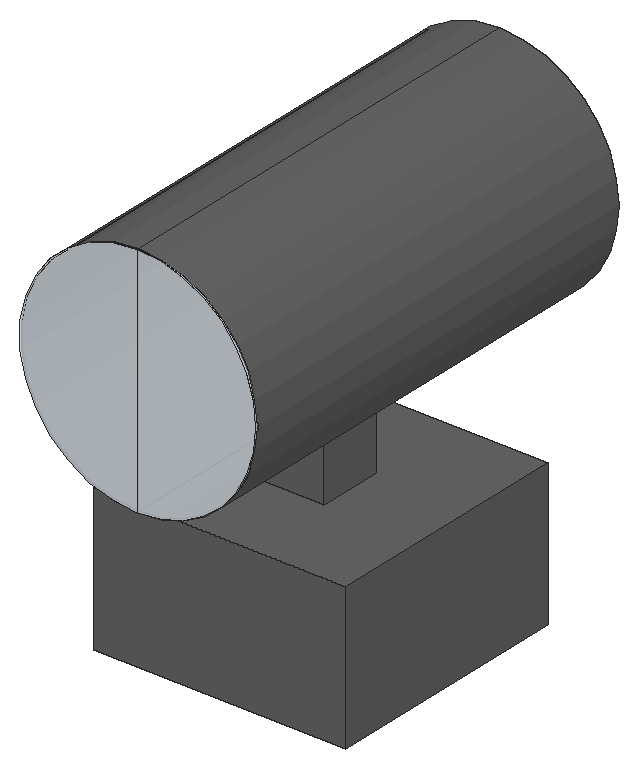
Revit family "LTC-6RDW-W", category Lighting Fixtures, host Face, Revit 2021
Family settings
  Host = Face
  Round Connector Dimension = Use Diameter
  Part Type = Normal
  OmniClass Number = 23.80.70.11.14.11
  OmniClass Title = Downlights
  Cut with Voids When Loaded = No
  Light Source = Yes
  Shared = No
  Room Calculation Point = No
Parameters (values of type "LTC-6RDW-WPCC")
  Wattage Comments = ""
  Wattage = 52 W
  Warranty = " 5 years warranty"  # constant formula
  built-in parameter 1150110 = 1 (stored number, unit not read)
  Voltage = 120 V
  built-in parameter 1114217 = 1 (stored number, unit not read)
  Tilt Angle = -90.00°  # constant formula
  built-in parameter 1150109 = 1 (stored number, unit not read)
  built-in parameter 1150134 = 3
  built-in parameter 1150113 = 1 (stored number, unit not read)
  Photometric Web File = "LTC-6RD-P-20L35K8MD-DM1-S-BL (1).ies"
  Features = "• 6inch architectural LED downlight and wall wash cylinder\r\ndelivering 600 - 7000 lm\r\n• 4 beam distributions from 0.3 to 1.1 Spacing Criteria\r\n• Quiet reflector appearance with 50º optical cutoff\r\n• 2700K - 5000K, 80+ and 90+ CRI options\r\n• Available in Surface, Wall, Pendant, or Cord Mount configurations\r\n• Variety of dimming protocol options including 0-10V, DALI, DMX,\r\nForward Phase and EcoSystem\r"  # constant formula
  Cord Height = 72.000"
  built-in parameter 1150105 = 331.04 (stored number, unit not read)
  Lumens = 4160 lm
  built-in parameter 1150115 = 1 (stored number, unit not read)
  built-in parameter 1150137 = (empty or 0)
  built-in parameter 1150139 = (empty or 0)
  built-in parameter 1150112 = 1 (stored number, unit not read)
  built-in parameter 1150114 = 1 (stored number, unit not read)
  built-in parameter 1150132 = (empty or 0)
  built-in parameter 1150102 = (empty or 0)
  built-in parameter 1150107 = 3200 (stored number, unit not read)
  built-in parameter 1150138 = (empty or 0)
  built-in parameter 1150106 = 3.3104 (stored number, unit not read)
  Emit from Circle Diameter = 7.300"  # constant formula
  Emit Shape Visible in Rendering = no
  built-in parameter 1150104 = 7.4322 (stored number, unit not read)
  Dimming Lamp Color Temperature Shift = <None>
  Copyright = "Prescolite"  # constant formula
  Contact us = ""
  Color Filter = 16777215
  Certifications = "• cCSAus certified to UL 1598\r\n• Wall Mount: Suitable for wet locations\r\n• Surface & Pendant Mount: Suitable for wet\r\nlocations under covered ceiling\r\n• Cord Mount and all Wall Wash: Suitable for\r\ndamp locations"  # constant formula
  Center Distance = 10.180"
  Canopy Width = 7.830"
  Canopy Height = 4.500"
  built-in parameter 1114218 = 1 (stored number, unit not read)
  Ballast = Paint - Carbon Black
  URL = "https://www.currentlighting.com/prescolite"
  Product Page URL = ""
  Product Documentation Link = ""
  Model = "LTC-6RDW"  # constant formula
  Manufacturer = "Prescolite"  # constant formula
  Lamp = "LED Lamp"
  Reflector = Glass - Glass
  Description = "LITEISTRY™ 6inch Round Cylinder Downlight/Wall Wash"  # constant formula
  Default Elevation = 48.000"
  Backbox = Matt Black
  built-in parameter 1150133 = 10 (stored number, unit not read)
  Apparent Load = 50 VA  # constant formula
Types (5): name | Center Distance | Canopy Width | Canopy Height
  (no name) | 10.180" | 7.830" | 4.500"
  LTC-6RDW-W | 6.400" | 4.500" | 0.500"
  LTC-6RDW-WCC | 8.770" | 5.740" | 3.000"
  LTC-6RDW-WPC | 8.680" | 7.750" | 3.000"
  LTC-6RDW-WPCC | 10.180" | 7.830" | 4.500"
Reference planes (in)
  plane 1 "Center (Front/Back)": y = 0
  plane 2: z = 0
  plane 3 "Center (Left/Right)": x = 0
  plane 4: z = 10.18
  plane 5: z = 4.5
  plane 6: y = -3.915
  plane 7: y = 3.915
  plane 8: x = -3.915
  plane 9: x = 3.915
  plane 10: y = -7
  plane 11: y = 7
Forms (in)
  Revolve 1, solid, material "Paint - Carbon Black" <- "Ballast"
    sketch origin (-0.02661, 2.20643, 0) x (0, 1, 0) y (0, 0, 1)
      loop
        line (4.66357, 10.18) -> (4.78857, 10.18) -> (4.78857, 13.85022) -> (-9.21143, 13.85022) -> (-9.21143, 13.801) -> (4.66357, 13.801) -> (4.66357, 10.18)
      axis (-9.21143, 10.18) -> (4.78857, 10.18)
    angle from 0 to 360
  Revolve 2, solid, material "Glass - Glass" <- "Reflector"
    sketch origin (-0.02661, -0.04357, 0) x (0, 1, 0) y (0, 0, 1)
      loop
        line (-6.9518, 10.18) -> (-6.9518, 13.85) -> (-7.00443, 13.85) -> (-7.00443, 10.18) -> (-6.9518, 10.18)
      axis (-6.9518, 10.18) -> (-7.00443, 10.18)
    angle from 0 to 360
  Extrusion 3, solid, material "Paint - Carbon Black" <- "Ballast"
    sketch origin (-0.02661, -0.04357, 0) x (0, 1, 0) y (0, 0, 1)
      loop
        line (0.97237, 0.5) -> (0.97237, 10.18) -> (-1.03763, 10.18) -> (-1.03763, 0.5) -> (0.97237, 0.5)
    from -1 to 1
  Extrusion 4, solid, material "Matt Black" <- "Backbox"
    sketch origin (0, 0, 0) x (0, 1, 0) y (0, 0, 1)
      loop
        line (3.915, 0) -> (3.915, 4.5) -> (-3.915, 4.5) -> (-3.915, 0) -> (3.915, 0)
    from -3.915 to 3.915
Dimensions and locks (in)
  locked: Extrusion 3 sketch curve to Extrusion 3 sketch curve at 2.01
  locked: Revolve 1 sketch curve to Revolve 1 sketch curve at 0.04922
  "Center Distance": plane 4 to plane 2
  Revolve 1 sketch curve to plane 4 = 3.67022"
  Revolve 2 sketch curve to Revolve 2 sketch curve = 3.670"
  "Canopy Height": plane 5 to plane 2
  "Canopy Width": plane 7 to plane 6
  equal spacing: plane 7, plane 1 "Center (Front/Back)", plane 6
  equal spacing: plane 9, plane 3 "Center (Left/Right)", plane 8
  "Canopy Width": plane 9 to plane 8
  aligned and locked: plane 2 to host face
  aligned and locked: plane 3 "Center (Left/Right)" to imposter light
  aligned and locked: plane 4 to Revolve 1 sketch curve  (x2)
  aligned and locked: Revolve 2 sketch curve to plane 4
  aligned and locked: plane 4 to Revolve 2 sketch curve
  aligned and locked: imposter light to plane 4
  aligned and locked: imposter light to Revolve 2
  aligned and locked: level to Extrusion 4 sketch curve
  aligned and locked: plane 7 to Extrusion 4 sketch curve
  aligned and locked: Extrusion 4 sketch curve to plane 5
  aligned and locked: Extrusion 4 sketch curve to plane 6
  aligned and locked: plane 9 to Extrusion 4
  aligned and locked: Extrusion 4 to plane 8
  aligned and locked: plane 4 to Extrusion 3
Automatic sketch dimensions
  host sketch curve to host sketch curve = 96.000"  (x2)
  plane 1 "Center (Front/Back)" to Revolve 1 sketch curve = 7.005"
  Revolve 1 sketch curve to plane 1 "Center (Front/Back)" = 6.870"
  Revolve 1 sketch curve to Revolve 1 sketch curve = 0.125"
  Revolve 1 sketch curve to Revolve 1 sketch curve = 3.5625"
  Revolve 1 sketch curve to Revolve 1 sketch curve = 13.3125"
  plane 1 "Center (Front/Back)" to Revolve 2 sketch curve = 7.048"
  Revolve 2 sketch curve to Revolve 2 sketch curve = 0.05263"
  Revolve 2 sketch curve to Revolve 2 sketch curve = 0.60362"
  Revolve 2 sketch curve to Revolve 2 sketch curve = 0.84375"
  level to Extrusion 3 sketch curve = 0.500"
  plane 1 "Center (Front/Back)" to Extrusion 3 sketch curve = 1.0812"
  Extrusion 3 sketch curve to Extrusion 3 sketch curve = 9.680"
Connectors (in)
  electrical at (0, 0, 0), driven by "Description", driven by "Voltage", driven by "Apparent Load"
    settings: index 1, voltage 120 V, apparent load 50 VA, apparent load phase1 0 VA, apparent load phase2 0 VA, apparent load phase3 0 VA, power factor 1, load classification "Other", number of poles 1, system type 30, power factor state 1, is connector primary yes, connector utility no, sub classification motor no, connector description "LITEISTRY™ 6inch Round Cylinder Downlight/Wall Wash"
